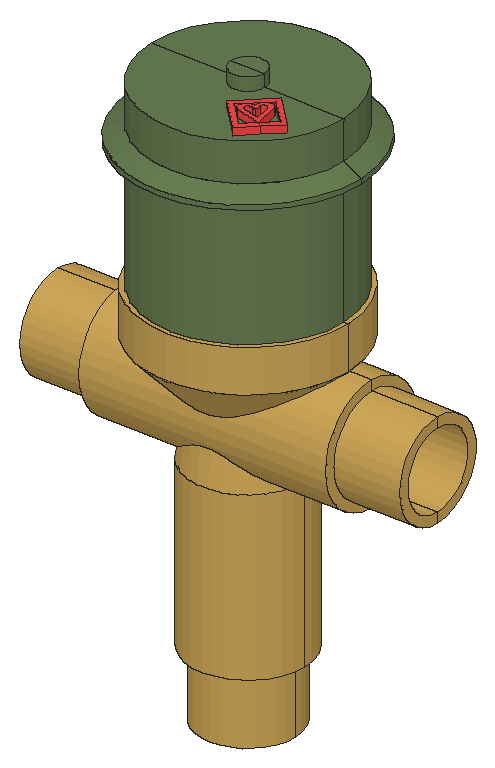
Revit family "Смесительный клапан системы водоснабжения 7766 54", category Rohrzubehör, Revit 2020
Family settings
  Bemaßung runder Anschluss = Durchmesser verwenden
  Teiletyp = Unterbricht
  OmniClass-Nummer = 23.65.55.14
  OmniClass-Titel = Valves for Liquid Services
  Arbeitsebenenbasiert = Nein
  Immer vertikal = Ja
  Beim Laden mit Abzugskörper schneiden = Nein
  Gemeinsam genutzt = Nein
Parameters
  Шпиндель = "латунь, устойчивая к селективной цинковой коррозии, CW626N"  # constant formula
  Уплотнение = "EPDM"  # constant formula
  Среда = "Питьевая вода"  # constant formula
  Пружина = "нержавеющая сталь 1.4310"  # constant formula
  Примечание = "В соответствии со статьей 33 Регламента REACH (Registration; Evaluation; Authorisation; Restriction of Chemicals) (EC № 1907/2006) мы обязаны указать, что свинец внесен в список SVHC (Substances of Very High Concern - вещества очень высокой важности) и весовой процент свинца во всех латунных компонентах заводского изготовления в наших изделиях, превышает 0,1 % (w/w) (CAS: 7439-92-1 / EINECS: 231-100-4).\r\nПоскольку свинец является легирующим компонентом сплава, прямое негативное влияние исключается, и поэтому дополнительной информации о безопасном использовании не требуется."
  Номер заказа = 2776654  # constant formula
  Маховик = "ABS"  # constant formula
  Корпус = "латунь, устойчивая к селективной цинковой коррозии, CC770S"  # constant formula
  Температурная стабильность на выходе = "+-2°C"  # constant formula
  Мин. превышение температуры горячей воды над температурой воды в смесителе = 15 °C  # constant formula
  Мин. расход = 0.07 L/s  # constant formula
  Мин. рабочая температура (холодная вода) = "5 °C - 25 °C"  # constant formula
  Макс. рабочая температура (горячая вода) = 85 °C  # constant formula
  Макс. рабочее давление (динамическое) = "0.2 - 6 bar"  # constant formula
  Указания по техническому обслуживанию = "• Рекомендуется проведение проверки не реже одного раза в год.\r\n   При использовании воды плохого или неизвестного качества проверки следует проводить чаще.\r\n• Проверки температуры воды на выходе должны выполняться точно таким же способом, как и при первичной установке; значение этой температуры не должно отличаться от заданной температуры более, чем на + / - 2 °С.\r\n• Обратные клапаны легко доступны для чистки.\r\n   Рекомендуется использовать плоскогубцы с удлиненными губками для того, чтобы избежать повреждений обратного клапана при его извлечении.\r\n• Помимо снятия маховика и очистки обратного клапана дальнейший демонтаж клапана для технического обслуживания не требуется."
  Vorgabe-Ansicht = 0 mm
  URL = "www.herz-armaturen.ru"
  Диапазон установки = "35 °C - 50 °C"  # constant formula
  Указания по безопасности = "Cмесительный клапан для систем питьевого водоснабжения выполняет функцию защитaы от ожога.\r\nЕго рекомендуется заменять каждые 5 лет.\r\nМестные стандарты и правила должны соблюдаться."
  SCTWSEQ = "AW;SBT_TYP_AW=\"104\";3"
  SCTWCODE = "04;18;03"  # constant formula
  S02 = H07 - H01 - H05  # 38.4 mm
  S01 = H00 - H01  # 61 mm
  R07 = 3.5 mm  # constant formula
  R06 = 24 mm  # constant formula
  R05 = 20.3 mm  # constant formula
  R04 = 24 mm  # constant formula
  R03 = R02 + 2 mm  # 12 mm
  R02 = Nennweite / 2  # 10 mm
  R01 = 8 mm  # constant formula
  Nennweite = 20 mm  # constant formula
  Температура смешения (заводская настройка) = 45 °C  # constant formula
  LO1 = H07 - H05  # 59.4 mm
  L02 = 21.3 mm  # constant formula
  L01 = 12 mm  # constant formula
  L00 = 40 mm  # constant formula
  Внутренние части = "латунь, устойчивая к селективной цинковой коррозии, CW626N"  # constant formula
  Hersteller = "HERZ Armaturen Ges.m.b.H."  # constant formula
  H08 = 8 mm  # constant formula
  H07 = 62 mm  # constant formula
  H06 = 25.4 mm  # constant formula
  H05 = 2.6 mm  # constant formula
  H04 = 35 mm  # constant formula
  H03 = 14 mm  # constant formula
  H02 = 9 mm  # constant formula
  H01 = 21 mm  # constant formula
  H00 = 82 mm  # constant formula
  Принцип работы = "Термостатический смесительный клапан 7766 TMV применяется в системах с теплой питьевой водой.\r\nНезависимо от изменений давления или температуры холодной и горячей воды, смешиваемой в клапане, смешанная вода постоянно регулируется до заданной температуры и расхода.\r\nТермостатический клапан работает независимо и без дополнительной энергии.\r\nПосле монтажа предварительно настроенное значение желаемой температуры смешивания поддерживается постоянным в пределах гистерезиса регулирования."
  Расход при давлении 3 бар = 0.7 L/s  # constant formula
  Рабочее давление (статическое) = 1000000.0 Pa  # constant formula
  Резьба для подключения = "плоское уплотнение, G 3/4"  # constant formula
Reference planes
  plane 1 "Mitte (Vorne/hinten)": y = 0
  plane 2: z = 0
  plane 3 "Mitte (Links/rechts)": x = 0
Forms (mm)
  Revolve 1, solid, material "Kunststoff GRÜN", detail levels fine
    sketch origin (-2.352, 0, -141.797) x (1, 0, 0) y (0, 0, 1)
      loop
        line (-1.148, 201.197) -> (-17.948, 201.197) -> (-17.948, 193.197) -> (-21.648, 191.197) -> (-21.648, 190.197) -> (-17.948, 188.197) -> (-17.948, 162.797) -> (2.352, 162.797) -> (2.352, 203.797) -> (-1.148, 203.797) -> (-1.148, 201.197)
      axis (2.352, 203.797) -> (2.352, 162.797)
    angle from 0 to 360
  Revolve 2, solid, material "Messing, weicher Gelbton, geschweißt", detail levels fine
    sketch origin (101.455, 0, 0) x (1, 0, 0) y (0, 0, 1)
      loop
        line (-101.455, -49) -> (-101.455, 21) -> (-122.755, 21) -> (-122.755, 12) -> (-111.455, 0) -> (-113.455, -12) -> (-113.455, -47) -> (-111.455, -47) -> (-111.455, -61) -> (-109.455, -61) -> (-109.455, -49) -> (-101.455, -49)
      axis (-101.455, 21) -> (-101.455, -61)
    angle from 0 to 360
  Revolve 3, solid, material "Messing, weicher Gelbton, geschweißt", detail levels fine
    sketch origin (-28, 0, 0) x (1, 0, 0) y (0, 0, 1)
      loop
        line (56, 8) -> (68, 8) -> (68, 10) -> (54, 10) -> (54, 12) -> (2, 12) -> (2, 10) -> (-12, 10) -> (-12, 8) -> (0, 8) -> (0, 0) -> (56, 0) -> (56, 8)
      axis (-12, 0) -> (68, 0)
    angle from 0 to 360
Lines and regions (mm)
  model lines, detail levels coarse+medium
    curve 1: line (-40, 0, 10) -> (-40, 0, -10)
    curve 2: line (-40, 0, -10) -> (40, 0, 10)
    curve 3: line (40, 0, 10) -> (40, 0, -10)
    curve 4: line (40, 0, -10) -> (-40, 0, 10)
    curve 5: line (0, 0, 0) -> (10, 0, -61)
    curve 6: line (10, 0, -61) -> (-10, 0, -61)
    curve 7: line (-10, 0, -61) -> (0, 0, 0)
    curve 8: line (0, 0, 0) -> (0, 0, 21)
    curve 9: line (-20.3, 0, 21) -> (20.3, 0, 21)
    curve 10: line (20.3, 0, 21) -> (20.3, 0, 59.4)
    curve 11: line (20.3, 0, 59.4) -> (-20.3, 0, 59.4)
    curve 12: line (-20.3, 0, 59.4) -> (-20.3, 0, 21)
    curve 13: line (20.3, 0, 59.4) -> (-20.3, 0, 21)
    curve 14: line (-20.3, 0, 59.4) -> (20.3, 0, 21)
    curve 15: line (-40, 10, 0) -> (-40, -10, 0)
    curve 16: line (-40, -10, 0) -> (40, 10, 0)
    curve 17: line (40, 10, 0) -> (40, -10, 0)
    curve 18: line (40, -10, 0) -> (-40, 10, 0)
    curve 19: line (0, 0, 0) -> (-10, -61, 0)
    curve 20: line (-10, -61, 0) -> (10, -61, 0)
    curve 21: line (10, -61, 0) -> (0, 0, 0)
    curve 22: line (0, 0, 0) -> (0, 21, 0)
    curve 23: line (-20.3, 21, 0) -> (20.3, 21, 0)
    curve 24: line (20.3, 21, 0) -> (20.3, 59.4, 0)
    curve 25: line (20.3, 59.4, 0) -> (-20.3, 59.4, 0)
    curve 26: line (-20.3, 59.4, 0) -> (-20.3, 21, 0)
    curve 27: line (20.3, 59.4, 0) -> (-20.3, 21, 0)
    curve 28: line (-20.3, 59.4, 0) -> (20.3, 21, 0)
Dimensions and locks
  "L00": Revolve 3 sketch curve to plane 3 "Mitte (Links/rechts)" to Revolve 3 sketch curve
  "L01": Revolve 3 sketch curve to Revolve 3 sketch curve  (x2)
  "R01": Revolve 3 sketch curve to Revolve 3 sketch curve  (x2)
  "R02": Revolve 3 sketch curve to Revolve 3 sketch curve
  "L02": Revolve 2 sketch curve to Revolve 2 sketch curve
  "H02": Revolve 2 sketch curve to Revolve 2 sketch curve
  "R02": Revolve 2 sketch curve to Revolve 2 sketch curve  (x2)
  "H01": Revolve 2 sketch curve to plane 2
  "H00": Revolve 2 sketch curve to Revolve 2 sketch curve
  "H03": Revolve 2 sketch curve to Revolve 2 sketch curve
  "R03": Revolve 2 sketch curve to Revolve 2 sketch curve
  "H04": Revolve 2 sketch curve to Revolve 2 sketch curve
  "R01": Revolve 2 sketch curve to Revolve 2 sketch curve
  "L01": Revolve 2 sketch curve to Revolve 2 sketch curve
  "H03": Revolve 3 sketch curve to Revolve 3 sketch curve  (x2)
  "R03": Revolve 3 sketch curve to Revolve 3 sketch curve
  "R05": Revolve 1 sketch curve to Revolve 1 sketch curve  (x2)
  "H07": Revolve 1 sketch curve to plane 2
  "H05": Revolve 1 sketch curve to Revolve 1 sketch curve
  "H06": Revolve 1 sketch curve to Revolve 1 sketch curve
  "H08": Revolve 1 sketch curve to Revolve 1 sketch curve
  "R06": Revolve 1 sketch curve to Revolve 1 sketch curve
  "R07": Revolve 1 sketch curve to Revolve 1 sketch curve
  "R02": curve 4 to plane 2 to curve 2
  "R02": curve 3 to plane 2 to curve 4
  "L00": curve 1 to plane 3 "Mitte (Links/rechts)" to curve 3
  "R02": curve 6 to plane 3 "Mitte (Links/rechts)" to curve 7
  "S01": plane 2 to curve 6
  "H01": curve 8 to plane 2
  "S02": curve 11 to Revolve 1
  "R05": curve 12 to plane 3 "Mitte (Links/rechts)" to curve 10
  "L00": curve 15 to plane 3 "Mitte (Links/rechts)" to curve 17
  "R02": curve 16 to plane 1 "Mitte (Vorne/hinten)" to curve 18
  "R02": curve 18 to plane 1 "Mitte (Vorne/hinten)" to curve 17
  "R02": curve 20 to plane 3 "Mitte (Links/rechts)" to curve 21
  "S01": curve 20 to plane 1 "Mitte (Vorne/hinten)"
  "H01": plane 1 "Mitte (Vorne/hinten)" to curve 22
  "S02": curve 23 to curve 25
  "R05": curve 26 to plane 3 "Mitte (Links/rechts)" to curve 24
  "LO1": nested 1 to plane 2
  aligned and locked: level to plane 2
Automatic sketch dimensions
  curve 5 to level = 0 mm
  curve 8 to level = 0 mm
  plane 1 "Mitte (Vorne/hinten)" to curve 19 = 0 mm
  plane 1 "Mitte (Vorne/hinten)" to curve 22 = 0 mm
  Revolve 1 sketch curve to plane 3 "Mitte (Links/rechts)" = 0 mm  (x2)
  Revolve 1 sketch curve to Revolve 1 sketch curve = 2 mm  (x2)
  Revolve 1 sketch curve to Revolve 1 sketch curve = 1 mm
  Revolve 1 sketch curve to level = 366.045 mm
  Revolve 1 sketch curve to Revolve 1 sketch curve = 2152.315 mm
  Revolve 2 sketch curve to level = 0 mm
  Revolve 2 sketch curve to plane 3 "Mitte (Links/rechts)" = 0 mm  (x2)
  Revolve 2 sketch curve to Revolve 2 sketch curve = 0 mm
  Revolve 2 sketch curve to Revolve 2 sketch curve = 2193.315 mm
  Revolve 3 sketch curve to level = 0 mm  (x2)
  Revolve 3 sketch curve to Revolve 3 sketch curve = 2 mm
  Revolve 3 sketch curve to Revolve 3 sketch curve = 0 mm  (x2)
Nested families
  nested 1: "Herz-Logo" at (9.58, -9.58, 59.4) x (0.7071, 0.7071, 0) z (0, 0, 1), type "Herz-Logo", detail levels fine
Connectors
  piping at (-40, 0, 0), diameter 20, driven by "Nennweite"
    settings: on Revolve 3, index 1, connector inside diameter 609.6 mm, connector length 0 mm, flow factor 0, pipe flow 0.0 L/s, pressure drop 0.0 Pa, fitting loss kfactor 0, connector angle 0.00°, fixture units 0, engagement length 0 mm, angle of deflection 0.00°, flow configuration 0, flow direction 1, fitting loss method 0, system type 20, joint type 0, gender type 0, connector reference index -1, connector utility 0, adjustable connector no, is connector primary yes, connector description ""
  piping at (40, 0, 0), diameter 20, driven by "Nennweite"
    settings: on Revolve 3, index 2, connector inside diameter 609.6 mm, connector length 0 mm, flow factor 0, pipe flow 0.0 L/s, pressure drop 0.0 Pa, fitting loss kfactor 0, connector angle 0.00°, fixture units 0, engagement length 0 mm, angle of deflection 0.00°, flow configuration 0, flow direction 1, fitting loss method 0, system type 19, joint type 0, gender type 0, connector reference index -1, connector utility 0, adjustable connector no, is connector primary no, connector description ""
  piping at (0, 0, -61), diameter 20, driven by "Nennweite"
    settings: on Revolve 2, index 3, connector inside diameter 609.6 mm, connector length 0 mm, flow factor 0, pipe flow 0.0 L/s, pressure drop 0.0 Pa, fitting loss kfactor 0, connector angle 0.00°, fixture units 0, engagement length 0 mm, angle of deflection 0.00°, flow configuration 0, flow direction 2, fitting loss method 0, system type 29, joint type 0, gender type 0, connector reference index -1, connector utility 0, adjustable connector no, is connector primary no, connector description ""
Definition of nested family "Herz-Logo"
  Parameters (values of type "Herz-Logo")
    Default Elevation = 0 mm
  Reference planes
    plane 1 "Mitte (Vorne/hinten)": y = 0
    plane 2: z = 0
    plane 3 "Mitte (Links/rechts)": x = 0
  Forms (mm)
    Extrusion 1, solid
      sketch origin (0, 0, 0) x (1, 0, 0) y (0, 1, 0)
        loop
          line (-0.018, -4.517) -> (4.482, -4.517) -> (4.482, 4.483) -> (-4.518, 4.483) -> (-4.518, -4.517) -> (-0.018, -4.517)
        loop
          line (-0.05, -3.48) -> (3.482, -3.48) -> (3.482, 3.483) -> (-3.518, 3.483) -> (-3.518, -3.48) -> (-0.05, -3.48)
        loop
          arc (-0.018, 2.383) -> (-1.543, 3.287) -> (-3.067, 2.383) r 1.738
          arc (-3.067, 2.383) -> (-3.191, 1.899) -> (-3.067, 1.415) r 1.009
          line (-3.067, 1.415) -> (-0.018, -3.281) -> (3.032, 1.415)
          arc (3.032, 1.415) -> (3.156, 1.899) -> (3.032, 2.383) r 1.009
          arc (3.032, 2.383) -> (1.507, 3.287) -> (-0.018, 2.383) r 1.738
        loop
          arc (1.885, 1.272) -> (2.005, 1.675) -> (1.885, 2.079) r 0.74
          arc (1.885, 2.079) -> (1.265, 2.416) -> (0.644, 2.079) r 0.74
          line (0.644, 2.079) -> (-0.018, 0.97) -> (-0.679, 2.079)
          arc (-0.679, 2.079) -> (-1.3, 2.416) -> (-1.921, 2.079) r 0.74
          arc (-1.921, 2.079) -> (-2.04, 1.675) -> (-1.921, 1.272) r 0.74
          line (-1.921, 1.272) -> (-0.018, -1.658) -> (1.885, 1.272)
      from 0 to 1.5
  Dimensions and locks
    aligned and locked: level to plane 2
